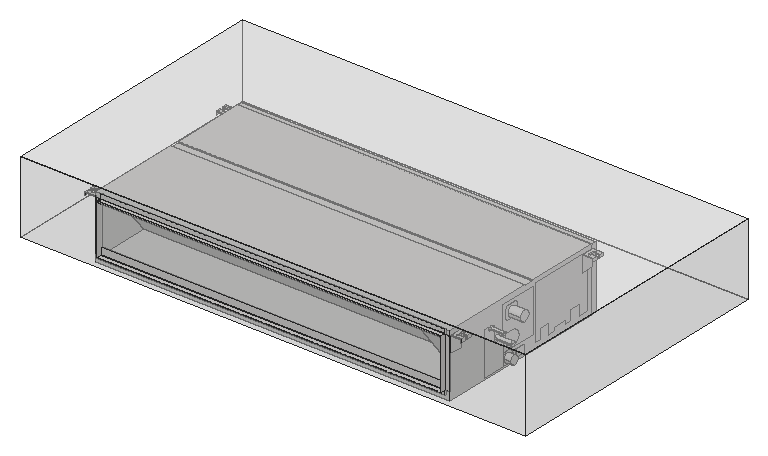
Revit family "outputfile", category 機械設備, Revit 2024
Family settings
  丸型コネクタ寸法 = 半径を使用
  パーツ タイプ = 標準
  OmniClass 番号 = 23.75.10.24.21.27.27
  OmniClass タイトル = Split System Air Conditioning Units
  作業面ベース = いいえ
  常に垂直 = はい
  ロード時にボイドで切り取り = いいえ
  注釈の向きを維持 = いいえ
  共有 = いいえ
  部屋計算ポイント = はい
Parameters (values of type "FDMFC125AV1M")
  Description = ""
  書き出し IFC クラス(タイプ) = "IfcUnitaryEquipmentType"
  定義済み IFC タイプ(タイプ) = "AIRCONDITIONINGUNIT"
  Cost = 0
  Type Comments = ""
  Keynote = ""
  Type Image = (empty or 0)
  Assembly Code = ""
  switch_frequency = yes
  connector_voltage = Voltage_50Hz  # 230 V
  connector_powerinput = [Power Input (Cooling)]  # 0.000 kW
  connector_phase = Phase_50Hz  # 1
  URL = ""
  Supply Air Direction [instance] = yes
  製造元 = "Daikin"
  モデル = "FDMFC125AV1M"
  w_pipe = 33 mm
  r_Liquid Pipe Size = Liquid Pipe Size / 2  # 4.75 mm
  r_Gas Pipe Size = Gas Pipe Size / 2  # 7.95 mm
  r_Drain Pipe Size = Drain Pipe Size / 2  # 16.0 mm
  lw_powersupply = Width / 2  # 700 mm
  lw_ductflange2 = 1362 mm
  lw_Width = 1362 mm
  lh_suctionflange [instance] = 100 mm
  ld_suctionflange [instance] = 190 mm
  ld_powersupply = 263 mm
  angle_vertical_RA [instance] = 90.00°
  angle horizontal_RA [instance] = 180.00°
  Voltage_comment_50Hz = "220 - 240"
  Voltage_50Hz = 230 V
  Sound Power Level_H speed (dB) = 0
  RA_length = 190 mm  # constant formula
  Phase_50Hz = 1
  Minimum External Static Pressure = 27.00 Pa
  Minimum Circuit Amps_50Hz = 0.0 A
  Maximum Fuse Amps_50Hz = 0.0 A
  Maximum External Static Pressure = 80.00 Pa
  Material_Casing = DAIKIN_GalvanizedSteel_Casing_indoorunit
  lw_liquidpipe = 757.9 mm
  lw_gaspipe = 767.5 mm
  lw_mountinghole_pitch = 1446 mm
  lw_mountinghole = 20 mm
  lw_drainpipe = 726 mm
  lh_powersupply = 43.2 mm
  lh_liquidpipe = 175 mm
  lh_gaspipe = 128 mm
  lh_mountinghole = Height + [h***] - 15 mm  # 235 mm
  lh_drainpipe = 29 mm
  lh_antena = (Height - lh_mountinghole) + 1 mm  # 16 mm
  ld_liquidpipe = 153 mm
  ld_gaspipe = 123 mm
  ld_mountinghole_pitch = 651 mm
  ld_drainpipe = 64 mm
  ld_controlbox = 626 mm
  h*** = 0 mm  # constant formula
  d_dischargeflange = 20 mm  # constant formula
  Width = 1400 mm
  Version = "ver.1.0"
  Unit Type = "Duct (M.S.P)"
  Unit Mass Weight = 40.00 kg
  Unit Designation [instance] = ""
  Uniclass2015Version = "Products v1.30"
  Uniclass2015Title = "Split coil room air conditioning units"
  Uniclass2015Code = "Pr_70_65_03_86"
  Total Cooling Capacity [instance] = 0.000 kW
  Sound Pressure Level_M speed (dBA) = 39
  Sound Pressure Level_L speed (dBA) = 36
  Sound Pressure Level_H speed (dBA) = 42
  Series = "SkyAir_Fan Coil Unit"
  Sensible Cooling Capacity [instance] = 0.000 kW
  SA Duct Size Width = 1362 mm
  SA Duct Size Height = 200 mm
  Refrigerant Type = "R32"
  RA Duct Size Width = 1362 mm
  RA Duct Size Height = 214 mm
  Power Input (Cooling) = 0.000 kW
  Option Accessory 3 [instance] = ""
  Option Accessory 2 [instance] = ""
  Option Accessory 1 [instance] = ""
  Nominal Cooling Capacity = 12.310 kW
  Minimum Airflow = 1560.00 m³/h
  Median Airflow = 1860.00 m³/h
  Maximum Airflow = 2140.00 m³/h
  Load Classification = HVAC
  Liquid Pipe Size = 9.5 mm
  Link_Nested Family [instance] = ""
  IfcVersion = ""
  IfcExportType = "AIRCONDITIONINGUNIT"
  IfcExportAs = "IfcUnitaryEquipmentType"
  Height = 250 mm
  Heat Exchanger Type = "Cross Fin Coil"
  Gas Pipe Size = 15.9 mm
  Frequency_50Hz = 50 Hz
  Fan Type = "Sirocco Fan"
  Fan Drive = "Direct Drive"
  FCU Tag No. [instance] = ""
  Drain Pipe Size = 32.0 mm
  Design Supply Airflow [instance] = 0.00 m³/h
  Design Return Airflow [instance] = 0.00 m³/h
  Design External Static Pressure [instance] = 0.00 Pa
  Depth = 700 mm
  既定の高さ = 0 mm
  Cooling Entering Wet Bulb Temperature [instance] = 0.00 °C
  Cooling Entering Dry Bulb Temperature [instance] = 0.00 °C
  Cooling Ambient Wet Bulb Temperature [instance] = 0.00 °C
  Cooling Ambient Dry Bulb Temperature [instance] = 0.00 °C
  Clearance visibility [instance] = yes
  Clearance Top = 20 mm
  Clearance Right = 300 mm
  Clearance Rear = 400 mm
  Clearance Left = 300 mm
  Clearance Front = 0 mm
  Clearance Bottom = 20 mm
Reference planes
  plane 1 "Center (Front/Back)": y = 0
  plane 2: z = 0
  plane 3 "Center (Left/Right)": x = 0
  plane 4 "Back": y = 350
  plane 5 "Front": y = -350
  plane 6 "Left": x = -700
  plane 7 "Right": x = 700
  plane 8 "Top": z = 0
  plane 9 "Bottom": z = -250
  plane 10: x = 681
  plane 11: x = -680.2
  plane 12: z = -72
  plane 13: z = -75
  plane 14: z = -122
  plane 15: x = -304
  plane 16: x = 304
  plane 17: x = -723
  plane 18: x = 723
  plane 19: x = 757.9
  plane 20: x = 767.5
  plane 21: z = -15
  plane 22 "Clearance Left": x = -1000
  plane 23 "Clearance Right": x = 1000
  plane 24 "Clearance Rear": y = 750
  plane 25 "Clearance Front": y = -350
  plane 26 "Clearance Bottom": z = -270
  plane 27: z = -21
  plane 28: z = -221
  plane 29: y = -123
  plane 30: y = -153
  plane 31: y = -30
  plane 32: y = -64
  plane 33: z = -118
  plane 34: y = -349.2
  plane 35: z = -150
  plane 36: y = 160
  plane 37: z = -151
  plane 38: x = 726
  plane 39: x = 695
  plane 40: x = 565.5
  plane 41: z = 102.5
  plane 42: y = 325.5
  plane 43: y = -325.5
  plane 44: y = 17.5
  plane 45: y = 57
  plane 46: x = 703.2
  plane 47: x = 705.2
  plane 48: y = -370
  plane 49: y = 390
  plane 50: z = -125
  plane 51: z = -70.5
  plane 52: z = -75.133
  plane 53: z = -75.5
  plane 54: z = -126.5
  plane 55: z = -239.8
  plane 56: z = -22.5
  plane 57: z = -192.5
  plane 58: z = -16
  plane 59 "Clearance Top": z = 20
  plane 60: z = -206.8
  plane 61: y = 263
  plane 62: y = -200
  plane 63: y = -300
  plane 64: y = -140
Forms (mm)
  Extrusion 1, solid, material "DAIKIN_GalvanizedSteel_Casing_indoorunit" <- "Material_Casing"
    sketch origin (0, 0, 0) x (1, 0, 0) y (0, 1, 0)
      loop
        line (-700, -349.2) -> (700, -349.2) -> (700, 350) -> (-700, 350) -> (-700, -349.2)
    from -250 to 0
  Extrusion 2, void
    sketch origin (0, 0, 1) x (1, 0, 0) y (0, 1, 0)
      loop
        line (-700, 57) -> (-700, 17.5) -> (700, 17.5) -> (700, 57) -> (-700, 57)
    from -1 to -5
  Extrusion 3, void
    sketch origin (0, 0, 0) x (0, 1, 0) y (0, 0, 1)
      loop
        line (-91.914, -222) -> (-91.914, -246.5) -> (-36.314, -246.5) -> (-36.314, -219.481)
        arc (-36.314, -219.481) -> (-65.261, -194.229) -> (-91.8, -222) r 27.8
    from 700 to 695
  Revolve 4, solid, material "DAIKIN_GalvanizedSteel_Casing_indoorunit" <- "Material_Casing"
    sketch origin (0, 0, -122) x (0, -1, 0) y (1, 0, 0)
      loop
        line (115.05, 700) -> (123, 700) -> (123, 767.5) -> (115.05, 767.5) -> (115.05, 700)
      axis (123, 700) -> (123, 767.5)
    angle from 0 to 360
  Revolve 5, solid, material "DAIKIN_GalvanizedSteel_Casing_indoorunit" <- "Material_Casing"
    sketch origin (0, 0, -75) x (0, -1, 0) y (1, 0, 0)
      loop
        line (153, 700) -> (153, 757.9) -> (148.25, 757.9) -> (148.25, 700) -> (153, 700)
      axis (153, 757.9) -> (153, 700)
    angle from 0 to 360
  Extrusion 6, solid, material "DAIKIN_GalvanizedSteel_Casing_indoorunit" <- "Material_Casing"
    sketch origin (0, 0, 0) x (0, 1, 0) y (0, 0, 1)
      loop
        circle (-64, -221) r 16
    from 726 to 700
  Extrusion 7, solid, material "DAIKIN_GalvanizedSteel_Casing_indoorunit" <- "Material_Casing"
    sketch origin (0, 0, 0) x (0, 1, 0) y (0, 0, 1)
      loop
        line (-180, -70.5) -> (-180, -239.8) -> (-95, -239.8) -> (-95, -126.5) -> (-107, -126.5)
        arc (-107, -126.5) -> (-121.5, -141) -> (-136, -126.5) r 14.5
        line (-136, -126.5) -> (-136, -75.5) -> (-141.006, -75.5)
        arc (-141.006, -75.5) -> (-153.184, -87.131) -> (-165, -75.133) r 12
        line (-165, -75.133) -> (-165, -70.5) -> (-180, -70.5)
      loop
        line (-92, -22.5) -> (-92, -192.5) -> (54, -192.5) -> (54, -22.5) -> (-92, -22.5)
      loop
        line (71, -16) -> (71, -224.802) -> (87.805, -224.802) -> (87.805, -184.607) -> (134.195, -184.606) -> (134.195, -224.802) -> (161, -224.802) -> (161, -212.302) -> (221, -212.303) -> (221, -224.802) -> (239.805, -224.802) -> (239.805, -184.606) -> (286.195, -184.606) -> (286.195, -224.802) -> (321.994, -224.802) -> (321.994, -82) -> (298.5, -82) -> (298.5, -16) -> (71, -16)
    from 700 to 703.2
  Extrusion 8, solid, material "DAIKIN_GalvanizedSteel_Casing_indoorunit" <- "Material_Casing"
    sketch origin (0, 0, 0) x (0, 1, 0) y (0, 0, 1)
      loop
        line (-27.5, -74.5) -> (-27.5, -41.5)
        arc (-27.5, -41.5) -> (-30.136, -35.136) -> (-36.5, -32.5) r 9
        line (-36.5, -32.5) -> (-69.5, -32.5)
        arc (-69.5, -32.5) -> (-75.864, -35.136) -> (-78.5, -41.5) r 9
        line (-78.5, -41.5) -> (-78.5, -74.5)
        arc (-78.5, -74.5) -> (-75.864, -80.864) -> (-69.5, -83.5) r 9
        line (-69.5, -83.5) -> (-36.5, -83.5)
        arc (-36.5, -83.5) -> (-30.136, -80.864) -> (-27.5, -74.5) r 9
      loop
        arc (8, -234.5) -> (9.415, -233.914) -> (10.001, -232.499) r 2.001
        line (10.001, -232.499) -> (9.997, -206.503)
        arc (9.997, -206.503) -> (9.412, -205.091) -> (8, -204.506) r 1.997
        line (8, -204.506) -> (-25.997, -204.506)
        arc (-25.997, -204.506) -> (-27.415, -205.094) -> (-28.002, -206.511) r 2.005
        line (-28.002, -206.511) -> (-28.002, -232.499)
        arc (-28.002, -232.499) -> (-27.416, -233.914) -> (-26.001, -234.5) r 2.001
        line (-26.001, -234.5) -> (8, -234.5)
      loop
        arc (-77.358, -152.358) -> (-25.548, -177.591) -> (-59.394, -130.95) r 29.7
        arc (-59.394, -130.95) -> (-62.843, -131.688) -> (-66.339, -131.219) r 10.3
        line (-66.339, -131.219) -> (-72.946, -129.136)
        arc (-72.946, -129.136) -> (-80.627, -131.374) -> (-81.498, -139.327) r 7.2
        line (-81.498, -139.327) -> (-78.299, -145.472)
        arc (-78.299, -145.472) -> (-77.23, -148.833) -> (-77.358, -152.358) r 10.3
    from 700 to 705.2
  Extrusion 9, solid, material "DAIKIN_GalvanizedSteel_Casing_indoorunit" <- "Material_Casing"
    sketch origin (0, 0, 0) x (0, 1, 0) y (0, 0, 1)
      loop
        circle (-53, -58) r 18.9
    from 700 to 757.9
  Extrusion 10, void
    sketch origin (0, 0, 0) x (0, 1, 0) y (0, 0, 1)
      loop
        line (-350, -18.8) -> (-350, -217.2) -> (-200, -217.2) -> (-349.2, -18.8) -> (-350, -18.8)
    from -680.2 to 681
  Extrusion 11, void
    sketch origin (0, 0, 0) x (0, 1, 0) y (0, 0, 1)
      loop
        line (-350, -18.8) -> (-350, -217.2) -> (-140, -217.2) -> (-300, -18.8) -> (-350, -18.8)
    from -680.2 to 565.5
Cuts and joins
  Extrusion 2, Extrusion 3, Extrusion 10, Extrusion 11 cuts Extrusion 1
  joined: Extrusion 7, Extrusion 8, Extrusion 9
Dimensions and locks
  "Height": plane 8 "Top" to plane 9 "Bottom"
  equal spacing: plane 15, plane 3 "Center (Left/Right)", plane 16, locked at 304 each
  locked: plane 15 to plane 16 at 608
  equal spacing: plane 17, plane 3 "Center (Left/Right)", plane 18
  "lw_mountinghole_pitch": plane 17 to plane 18
  locked: plane 12 to plane 9 "Bottom" at 178
  "lh_liquidpipe": plane 13 to plane 9 "Bottom"
  "lh_gaspipe": plane 14 to plane 9 "Bottom"
  "lh_mountinghole": plane 21 to plane 9 "Bottom"
  equal spacing: plane 6 "Left", plane 3 "Center (Left/Right)", plane 7 "Right"
  "Width": plane 6 "Left" to plane 7 "Right"
  "Clearance Right": plane 7 "Right" to plane 23 "Clearance Right"
  "Clearance Left": plane 22 "Clearance Left" to plane 6 "Left"
  "Clearance Rear": plane 24 "Clearance Rear" to plane 4 "Back"
  "Clearance Front": plane 5 "Front" to plane 25 "Clearance Front"
  locked: plane 8 "Top" to plane 27 at 21
  "Depth": plane 4 "Back" to plane 5 "Front"
  equal spacing: plane 4 "Back", plane 1 "Center (Front/Back)", plane 5 "Front"
  "ld_suctionflange": plane 4 "Back" to plane 36
  locked: plane 37 to plane 9 "Bottom" at 99
  plane 7 "Right" to plane 40 = 134.5 mm
  "r_Gas Pipe Size": nested 6 to Revolve 4 sketch curve
  "r_Liquid Pipe Size": nested 5 to Revolve 5 sketch curve
  equal spacing: plane 42, plane 1 "Center (Front/Back)", plane 43
  "ld_mountinghole_pitch": plane 42 to plane 43
  locked: plane 33 to plane 9 "Bottom" at 132
  "lw_liquidpipe": plane 3 "Center (Left/Right)" to plane 19
  "lw_gaspipe": plane 3 "Center (Left/Right)" to plane 20
  "lw_drainpipe": plane 3 "Center (Left/Right)" to plane 38
  "ld_drainpipe": plane 32 to plane 1 "Center (Front/Back)"
  "ld_gaspipe": plane 29 to plane 1 "Center (Front/Back)"
  "ld_liquidpipe": plane 30 to plane 1 "Center (Front/Back)"
  "lh_drainpipe": plane 28 to plane 9 "Bottom"
  locked: plane 7 "Right" to plane 46 at 3.2
  locked: plane 46 to plane 47 at 2
  equal spacing: plane 8 "Top", plane 50, plane 9 "Bottom"
  plane 51 to plane 52 to plane 53 to plane 54 to plane 55 = 4.633 mm locked, 0.367 mm locked, 51 mm locked, 113.3 mm locked
  plane 8 "Top" to plane 56 to plane 57 = 22.5 mm locked, 170 mm locked
  locked: plane 8 "Top" to plane 58 at 16
  locked: plane 40 to plane 10 at 115.5
  locked: plane 17 to plane 11 at 42.8
  locked: plane 39 to plane 7 "Right" at 5
  "Clearance Top": plane 59 "Clearance Top" to plane 8 "Top"
  "Clearance Bottom": plane 9 "Bottom" to plane 26 "Clearance Bottom"
  "lh_powersupply": plane 60 to plane 9 "Bottom"
  "ld_powersupply": plane 61 to plane 1 "Center (Front/Back)"
  locked: plane 34 to plane 5 "Front" at 0.8
  locked: plane 5 "Front" to plane 48 at 20
  locked: plane 5 "Front" to plane 62 at 150
  plane 5 "Front" to plane 63 to plane 64 = 50 mm locked, 160 mm locked
  "r_Drain Pipe Size": radius of Extrusion 6 sketch curve
  aligned and locked: level to plane 2
  aligned and locked: Extrusion 1 to plane 9 "Bottom"
  aligned and locked: plane 8 "Top" to Extrusion 1
  aligned and locked: Revolve 4 sketch curve to Revolve 4 sketch curve
  aligned and locked: plane 19 to nested 5
  aligned and locked: nested 5 to plane 13
  aligned and locked: plane 18 to nested 2
  aligned and locked: plane 17 to nested 3
  aligned and locked: plane 17 to nested 4
  aligned and locked: nested 6 to plane 14
  aligned and locked: plane 29 to nested 6
  aligned and locked: plane 30 to nested 5
  aligned and locked: Extrusion 6 sketch curve to plane 32
  aligned and locked: plane 8 "Top" to Extrusion 2
  aligned and locked: plane 24 "Clearance Rear" to nested 11
  aligned and locked: plane 23 "Clearance Right" to nested 11
  aligned and locked: plane 22 "Clearance Left" to nested 11
  aligned and locked: nested 11 to plane 25 "Clearance Front"
  aligned and locked: plane 7 "Right" to cut or joined group of Extrusion 1, Extrusion 2, Extrusion 3, Extrusion 10, Extrusion 11  (x3)
  aligned and locked: cut or joined group of Extrusion 1, Extrusion 2, Extrusion 3, Extrusion 10, Extrusion 11 to plane 39
  aligned and locked: plane 38 to Extrusion 6
  aligned and locked: plane 20 to nested 6
  aligned and locked: plane 3 "Center (Left/Right)" to nested 12
  aligned and locked: plane 18 to nested 1
  aligned and locked: plane 32 to nested 7
  aligned and locked: nested 7 to plane 28
  aligned and locked: plane 38 to nested 7
  aligned and locked: nested 9 to plane 1 "Center (Front/Back)"
  aligned and locked: plane 3 "Center (Left/Right)" to nested 9
  aligned and locked: plane 33 to nested 8
  aligned and locked: level to plane 8 "Top"
  aligned and locked: plane 42 to nested 1
  aligned and locked: plane 43 to nested 2
  aligned and locked: nested 4 to plane 42
  aligned and locked: nested 3 to plane 43
  aligned and locked: nested 12 to plane 21
  aligned and locked: cut or joined group of Extrusion 1, Extrusion 2, Extrusion 3, Extrusion 10, Extrusion 11 to plane 34
  aligned and locked: nested 13 to plane 33
  aligned and locked: Extrusion 2 sketch curve to plane 6 "Left"
  aligned and locked: plane 7 "Right" to Extrusion 2 sketch curve
  aligned and locked: plane 44 to Extrusion 2 sketch curve
  aligned and locked: plane 45 to Extrusion 2 sketch curve
  aligned and locked: plane 3 "Center (Left/Right)" to nested 10
  aligned and locked: nested 10 to plane 4 "Back"
  aligned and locked: plane 46 to Extrusion 7
  aligned and locked: Extrusion 7 to plane 7 "Right"
  aligned and locked: Extrusion 8 to plane 7 "Right"
  aligned and locked: plane 47 to Extrusion 8
  aligned and locked: plane 19 to Extrusion 9
  aligned and locked: Extrusion 9 to plane 7 "Right"
  aligned and locked: nested 8 to plane 48
  aligned and locked: plane 49 to nested 14
  aligned and locked: nested 14 to plane 3 "Center (Left/Right)"
  aligned and locked: nested 14 to plane 50
  aligned and locked: plane 54 to Extrusion 7 sketch curve  (x2)
  aligned and locked: plane 52 to Extrusion 7 sketch curve
  aligned and locked: plane 56 to Extrusion 7 sketch curve
  aligned and locked: plane 57 to Extrusion 7 sketch curve
  aligned and locked: plane 58 to Extrusion 7 sketch curve
  aligned and locked: plane 3 "Center (Left/Right)" to nested 13
  aligned and locked: plane 59 "Clearance Top" to nested 11
  aligned and locked: nested 11 to plane 26 "Clearance Bottom"
  aligned and locked: plane 7 "Right" to nested 15
  aligned and locked: nested 15 to plane 60
  aligned and locked: plane 34 to nested 13
  aligned and locked: plane 5 "Front" to Extrusion 10 sketch curve
  aligned and locked: cut or joined group of Extrusion 1, Extrusion 2, Extrusion 3, Extrusion 10, Extrusion 11 to plane 11  (x2)
  aligned and locked: plane 10 to cut or joined group of Extrusion 1, Extrusion 2, Extrusion 3, Extrusion 10, Extrusion 11
  aligned and locked: Extrusion 11 sketch curve to plane 5 "Front"
  aligned and locked: plane 63 to Extrusion 11 sketch curve
  aligned and locked: plane 64 to Extrusion 11 sketch curve
  aligned and locked: cut or joined group of Extrusion 1, Extrusion 2, Extrusion 3, Extrusion 10, Extrusion 11 to plane 40
  aligned and locked: Extrusion 6 to plane 7 "Right"
  aligned and locked: Revolve 4 to plane 7 "Right"
  aligned and locked: Revolve 5 to plane 7 "Right"
Automatic sketch dimensions
  Extrusion 1 sketch curve to plane 4 "Back" = 0 mm
  Extrusion 1 sketch curve to plane 6 "Left" = 0 mm
  Extrusion 1 sketch curve to plane 7 "Right" = 0 mm
  plane 34 to Extrusion 1 sketch curve = 0 mm
  Extrusion 6 sketch curve to plane 28 = 0 mm
  Revolve 4 sketch curve to plane 20 = 0 mm
  Revolve 4 sketch curve to plane 29 = 0 mm
  Revolve 4 sketch curve to Revolve 4 sketch curve = 2.003 mm
  plane 20 to Revolve 4 sketch curve = 1.003 mm
  Revolve 5 sketch curve to plane 30 = 0 mm  (x2)
  Revolve 5 sketch curve to plane 19 = 0 mm  (x2)
  Revolve 5 sketch curve to plane 7 "Right" = 0 mm
  Revolve 5 sketch curve to Revolve 5 sketch curve = 1 mm
  Revolve 4 sketch curve to plane 7 "Right" = 0 mm
  plane 9 "Bottom" to Extrusion 3 sketch curve = 3.5 mm
  Extrusion 3 sketch curve to plane 31 = 6.314 mm
  Extrusion 3 sketch curve to plane 28 = 1 mm  (x2)
  plane 32 to Extrusion 3 sketch curve = 0 mm
  Extrusion 3 sketch curve to Extrusion 3 sketch curve = 0.114 mm
  Extrusion 8 sketch curve to plane 32 = 14.5 mm
  plane 13 to Extrusion 8 sketch curve = 0.5 mm  (x2)
  Extrusion 8 sketch curve to plane 32 = 5.5 mm  (x2)
  Extrusion 8 sketch curve to plane 31 = 6.5 mm  (x2)
  Extrusion 8 sketch curve to plane 27 = 20.5 mm
  plane 31 to Extrusion 8 sketch curve = 1.998 mm
  Extrusion 8 sketch curve to Extrusion 8 sketch curve = 2.001 mm  (x2)
  Extrusion 8 sketch curve to Extrusion 8 sketch curve = 2.005 mm
  Extrusion 8 sketch curve to plane 1 "Center (Front/Back)" = 8 mm  (x2)
  plane 28 to Extrusion 8 sketch curve = 16.494 mm
  Extrusion 8 sketch curve to Extrusion 8 sketch curve = 1.994 mm
  Extrusion 8 sketch curve to Extrusion 8 sketch curve = 1.997 mm
  Extrusion 8 sketch curve to plane 32 = 17.498 mm
  Extrusion 8 sketch curve to plane 35 = 0.228 mm
  Extrusion 8 sketch curve to Extrusion 8 sketch curve = 5.937 mm
  plane 35 to Extrusion 8 sketch curve = 4.528 mm
  Extrusion 8 sketch curve to Extrusion 8 sketch curve = 3.199 mm
  Extrusion 8 sketch curve to Extrusion 8 sketch curve = 6.386 mm
  Extrusion 8 sketch curve to plane 14 = 7.136 mm
  Extrusion 8 sketch curve to Extrusion 8 sketch curve = 2.165 mm
  Extrusion 8 sketch curve to plane 32 = 2.339 mm
  plane 32 to Extrusion 8 sketch curve = 0.758 mm
  Extrusion 8 sketch curve to plane 37 = 7.5 mm
  plane 32 to Extrusion 8 sketch curve = 15.7 mm
  Extrusion 8 sketch curve to Extrusion 8 sketch curve = 6.145 mm
  Extrusion 8 sketch curve to Extrusion 8 sketch curve = 2.083 mm
  plane 14 to Extrusion 8 sketch curve = 0.604 mm
  Extrusion 8 sketch curve to Extrusion 8 sketch curve = 0 mm
  plane 32 to Extrusion 9 sketch curve = 11 mm
  plane 12 to Extrusion 9 sketch curve = 14 mm
  Extrusion 7 sketch curve to plane 30 = 0 mm
  Extrusion 7 sketch curve to plane 30 = 27 mm
  Extrusion 7 sketch curve to plane 13 = 0.5 mm
  Extrusion 7 sketch curve to Extrusion 7 sketch curve = 5.006 mm
  plane 12 to Extrusion 7 sketch curve = 1.5 mm
  Extrusion 7 sketch curve to Extrusion 7 sketch curve = 12 mm
  Extrusion 7 sketch curve to plane 30 = 12 mm
  plane 29 to Extrusion 7 sketch curve = 1.5 mm
  Extrusion 7 sketch curve to plane 32 = 28 mm
  Extrusion 7 sketch curve to Extrusion 7 sketch curve = 17 mm
  Extrusion 7 sketch curve to plane 28 = 3.802 mm  (x8)
  Extrusion 7 sketch curve to plane 42 = 27 mm
  Extrusion 7 sketch curve to plane 42 = 3.506 mm  (x2)
  Extrusion 7 sketch curve to plane 53 = 6.5 mm
  plane 57 to Extrusion 7 sketch curve = 7.893 mm
  Extrusion 7 sketch curve to Extrusion 7 sketch curve = 0 mm  (x2)
  plane 57 to Extrusion 7 sketch curve = 7.894 mm  (x2)
  plane 36 to Extrusion 7 sketch curve = 1 mm  (x2)
  plane 28 to Extrusion 7 sketch curve = 8.697 mm
  Extrusion 3 sketch curve to Extrusion 3 sketch curve = 27.914 mm
  Extrusion 7 sketch curve to plane 55 = 0 mm
  Extrusion 8 sketch curve to plane 28 = 11.499 mm
  Extrusion 7 sketch curve to Extrusion 7 sketch curve = 60 mm
  Extrusion 10 sketch curve to plane 34 = 0 mm
  plane 28 to Extrusion 10 sketch curve = 3.8 mm
  plane 27 to Extrusion 10 sketch curve = 2.2 mm
  Extrusion 10 sketch curve to plane 30 = 47 mm
  plane 28 to Extrusion 11 sketch curve = 3.8 mm
  plane 27 to Extrusion 11 sketch curve = 2.2 mm
  radius of Extrusion 9 sketch curve = 18.9 mm
Nested families
  nested 1: "daikin_mountinghole" at (723, 325.5, -250), l_antenna <- "lh_antena", Link_Nested Family <- "Link_Nested Family", h_mountinghole <- "lh_mountinghole", type "daikin_mountinghole"
    with show yes, l_antenna 16 mm, h_mountinghole 235 mm, Link_Nested Family ""
  nested 2: "daikin_mountinghole" at (723, -325.5, -250), Link_Nested Family <- "Link_Nested Family", l_antenna <- "lh_antena", h_mountinghole <- "lh_mountinghole", type "daikin_mountinghole"
    with show yes, l_antenna 16 mm, h_mountinghole 235 mm, Link_Nested Family ""
  nested 3: "daikin_mountinghole" at (-723, -325.5, -250), l_antenna <- "lh_antena", Link_Nested Family <- "Link_Nested Family", h_mountinghole <- "lh_mountinghole", type "daikin_mountinghole"
    with show yes, l_antenna 16 mm, h_mountinghole 235 mm, Link_Nested Family ""
  nested 4: "daikin_mountinghole" at (-723, 325.5, -250), l_antenna <- "lh_antena", Link_Nested Family <- "Link_Nested Family", h_mountinghole <- "lh_mountinghole", type "daikin_mountinghole"
    with show yes, l_antenna 16 mm, h_mountinghole 235 mm, Link_Nested Family ""
  nested 5: "daikin_connector_rotate2" at (0, -153, -75) x (0, 1, 0) z (0, 0, 1), length <- "lw_liquidpipe", built-in parameter 1001364 <- "lh_liquidpipe", radius <- "r_Liquid Pipe Size", type "daikin_connector_rotate2"
    with radius 4.75 mm, length 757.9 mm, angle_vertical 90.00°
  nested 6: "daikin_connector_rotate2" at (0, -123, -122) x (0, 1, 0) z (0, 0, 1), length <- "lw_gaspipe", built-in parameter 1001364 <- "lh_gaspipe", radius <- "r_Gas Pipe Size", type "daikin_connector_rotate2"
    with radius 7.95 mm, length 767.5 mm, angle_vertical 90.00°
  nested 7: "daikin_connector_rotate2" at (0, -64, -221) x (0, 1, 0) z (0, 0, 1), built-in parameter 1001364 <- "lh_drainpipe", length <- "lw_drainpipe", radius <- "r_Drain Pipe Size", type "daikin_connector_rotate2"
    with radius 16 mm, length 726 mm, angle_vertical 90.00°
  nested 8: "daikin_connector_rotate2" at (0, -350, -118), length <- "d_dischargeflange", type "daikin_connector_rotate2"
    with radius 10 mm, length 20 mm, angle_vertical 90.00°
  nested 9: "daikin_△_symbolicline" at (-75, -129.904, 250) x (-0.5, 0.866, 0) z (0, 0, 1), built-in parameter 1001364 <- "Height", visible <- "Supply Air Direction", type "daikin_△_symbolicline"
    with length 300 mm
  nested 10: "daikin_ductflange_FDMFC-AV1M_1" at (0, 350, -125), material <- "Material_Casing", width <- "lw_ductflange2", type "daikin_ductflange_FDMFC-AV1M_1"
    with width 1362 mm, material DAIKIN_GalvanizedSteel_Casing_indoorunit, height 214 mm, depth 40 mm
  nested 11: "daikin_clearancespace" at (0, 200, -124.881), visible <- "Clearance visibility", show <- "Clearance visibility", Link_Nested Family <- "Link_Nested Family", type "daikin_clearancespace"
    with width 2000 mm, show yes, height 290 mm, depth 1100 mm, Link_Nested Family ""
  nested 12: "daikin_hangerfixture_FDMFC-AV1M" at (0, 0, -15), type "daikin_hangerfixture_FDMFC-AV1M"
    with width 1400 mm
  nested 13: "daikin_ductflange_FDMFC-AV1M" at (0, -35.7, -407.401), width <- "lw_Width", material <- "Material_Casing", type "daikin_ductflange_FDMFC-AV1M"
    with width 1362 mm, material DAIKIN_GalvanizedSteel_Casing_indoorunit, height 200 mm, depth 20.8 mm
  nested 14: "daikin_connector_rotate2" at (0, 350, -125) x (-1, 0, 0) z (0, 0, 1), type "daikin_connector_rotate2"
    with radius 10 mm, length 40 mm, angle_vertical 90.00°
  nested 15: "daikin_connector_rotate2" at (0, 263, -206.8) x (0, 1, 0) z (0, 0, 1), length <- "lw_powersupply", built-in parameter 1001364 <- "lh_powersupply", type "daikin_connector_rotate2"
    with radius 10 mm, length 700 mm, angle_vertical 90.00°
Connectors
  piping at (767.5, -123, -122), diameter 15.9, driven by "r_Gas Pipe Size"
    settings: on nested 6, index 1, connector inside diameter 609.6 mm, connector length 0 mm, flow factor 0, pipe flow 0.00 m³/h, pressure drop 0.0 Pa, fitting loss kfactor 0, connector angle 0.00°, fixture units 0, engagement length 0 mm, angle of deflection 0.00°, flow configuration 1, flow direction 2, fitting loss method 0, system type 29, joint type 0, gender type 0, connector reference index -1, connector utility 0, adjustable connector no, is connector primary yes, connector description "Refrigerant Gas Piping"
  piping at (757.9, -153, -75), diameter 9.5, driven by "r_Liquid Pipe Size"
    settings: on nested 5, index 2, connector inside diameter 609.6 mm, connector length 0 mm, flow factor 0, pipe flow 0.00 m³/h, pressure drop 0.0 Pa, fitting loss kfactor 0, connector angle 0.00°, fixture units 0, engagement length 0 mm, angle of deflection 0.00°, flow configuration 1, flow direction 1, fitting loss method 0, system type 29, joint type 0, gender type 0, connector reference index -1, connector utility 0, adjustable connector no, is connector primary no, connector description "Refrigerant Liquid Piping"
  piping at (726, -64, -221), diameter 32, driven by "r_Drain Pipe Size"
    settings: on nested 7, index 3, connector inside diameter 609.6 mm, connector length 0 mm, flow factor 0, pipe flow 0.00 m³/h, pressure drop 0.0 Pa, fitting loss kfactor 0, connector angle 0.00°, fixture units 0, engagement length 0 mm, angle of deflection 0.00°, flow configuration 1, flow direction 2, fitting loss method 4, system type 16, joint type 0, gender type 0, connector reference index -1, connector utility 0, adjustable connector no, is connector primary no, connector description "Condensate Drain Piping"
  hvac at (0, -370, -118), driven by "SA Duct Size Height", driven by "SA Duct Size Width"
    settings: on nested 8, index 7, duct flow 0.00 m³/h, flow factor 0, pres drop 0.00 Pa, loss coef 0, conn angle 0.00°, conn width 1362.0 mm, conn height 200.0 mm, conn diameter 609.6 mm, duct sys type 1, conn prof type 1, flow config 0, flow direction 2, loss method 4, conn ref index -1, conn util no, is conn primary yes, conn desc "SA Duct"
  hvac at (0, 390, -125), driven by "RA Duct Size Width", driven by "RA Duct Size Height"
    settings: on nested 14, index 8, duct flow 0.00 m³/h, flow factor 0, pres drop 0.00 Pa, loss coef 0, conn angle 0.00°, conn width 1362.0 mm, conn height 214.0 mm, conn diameter 609.6 mm, duct sys type 2, conn prof type 1, flow config 0, flow direction 1, loss method 4, conn ref index -1, conn util no, is conn primary no, conn desc "RA Duct"
  electrical at (700, 263, -206.8), driven by "Load Classification", driven by "connector_powerinput", driven by "connector_voltage", driven by "connector_phase"
    settings: on nested 15, index 9, voltage 230 V, apparent load 0 VA, apparent load phase1 0 VA, apparent load phase2 0 VA, apparent load phase3 0 VA, power factor 1, load classification "HVAC", number of poles 1, system type 30, power factor state 1, is connector primary yes, connector utility no, sub classification motor no, connector description "Power Supply"
Definition of nested family "daikin_ductflange_FDMFC-AV1M_1"
  Parameters (values of type "daikin_ductflange_FXDQ-NDVET2")
    width [instance] = 662 mm
    material [instance] = none
    height [instance] = 214 mm
    depth [instance] = 40 mm
    Default Elevation = 0 mm
  Reference planes
    plane 1 "Center (Front/Back)": y = 0
    plane 2: z = 0
    plane 3 "Center (Left/Right)": x = 0
    plane 4: x = -331
    plane 5: x = 331
    plane 6: z = 107
    plane 7: z = -107
    plane 8: x = -350
    plane 9: x = 350
    plane 10: z = 124
    plane 11: z = -124
    plane 12: y = 20
    plane 13: x = -330.2
    plane 14: x = 330.2
    plane 15: z = 106.2
    plane 16: z = -106.2
    plane 17: y = 40
    plane 18: x = -330.2
    plane 19: z = 106.2
    plane 20: z = -106.2
    plane 21: x = 330.2
  Forms (mm)
    Extrusion 1, solid, material <- "material"
      sketch origin (0, 0, 0) x (1, 0, 0) y (0, 0, 1)
        loop
          line (-330.2, 106.2) -> (-330.2, -106.2) -> (330.2, -106.2) -> (330.2, 106.2) -> (-330.2, 106.2)
        loop
          line (-350, 124) -> (-350, -124) -> (350, -124) -> (350, 124) -> (-350, 124)
      from 0 to -20
    Extrusion 2, solid, material <- "material"
      sketch origin (0, 0, 0) x (1, 0, 0) y (0, 0, 1)
        loop
          line (-331, 107) -> (-331, -107) -> (331, -107) -> (331, 107) -> (-331, 107)
        loop
          line (-330.2, 106.2) -> (-330.2, -106.2) -> (330.2, -106.2) -> (330.2, 106.2) -> (-330.2, 106.2)
      from -40 to -20
  Cuts and joins
    joined: Extrusion 1, Extrusion 2
  Dimensions and locks
    equal spacing: plane 5, plane 3 "Center (Left/Right)", plane 4
    "width": plane 5 to plane 4
    equal spacing: plane 6, level, plane 7
    "height": plane 6 to plane 7
    locked: plane 4 to plane 8 at 19
    locked: plane 9 to plane 5 at 19
    locked: plane 10 to plane 6 at 17
    locked: plane 7 to plane 11 at 17
    locked: plane 1 "Center (Front/Back)" to plane 12 at 20
    locked: plane 13 to plane 4 at 0.8
    locked: plane 5 to plane 14 at 0.8
    locked: plane 6 to plane 15 at 0.8
    locked: plane 16 to plane 7 at 0.8
    locked: plane 12 to plane 17 at 20
    locked: plane 18 to plane 4 at 0.8
    locked: plane 5 to plane 21 at 0.8
    locked: plane 6 to plane 19 at 0.8
    locked: plane 20 to plane 7 at 0.8
    locked: plane 1 "Center (Front/Back)" to plane 17 at 40
    aligned and locked: level to plane 2
    aligned and locked: Extrusion 1 sketch curve to plane 10
    aligned and locked: plane 8 to Extrusion 1 sketch curve
    aligned and locked: Extrusion 1 sketch curve to plane 9
    aligned and locked: Extrusion 1 to plane 12
    aligned and locked: plane 1 "Center (Front/Back)" to Extrusion 1
    aligned and locked: Extrusion 1 sketch curve to plane 15
    aligned and locked: plane 13 to Extrusion 1 sketch curve
    aligned and locked: plane 16 to Extrusion 1 sketch curve
    aligned and locked: plane 11 to Extrusion 1 sketch curve
    aligned and locked: Extrusion 1 sketch curve to plane 14
    aligned and locked: Extrusion 2 sketch curve to plane 6
    aligned and locked: plane 4 to Extrusion 2 sketch curve
    aligned and locked: plane 7 to Extrusion 2 sketch curve
    aligned and locked: Extrusion 2 sketch curve to plane 5
    aligned and locked: Extrusion 2 sketch curve to Extrusion 1  (x4)
    aligned and locked: Extrusion 2 to plane 17
    aligned and locked: Extrusion 2 to Extrusion 1
  Automatic sketch dimensions
    Extrusion 1 sketch curve to plane 10 = 0 mm
Definition of nested family "daikin_clearancespace"
  Parameters (values of type "daikin_clearancespace")
    Description = "daikin_clearancespace"
    width [instance] = 1823.963 mm
    show [instance] = yes
    material = none
    height [instance] = 1359.762 mm
    depth [instance] = 880 mm
    Default Elevation = 0 mm
    Link_Nested Family [instance] = ""
  Reference planes
    plane 1 "Center (Front/Back)": y = 0
    plane 2 "Center (Elevation)": z = -0.119
    plane 3 "Center (Left/Right)": x = 0
    plane 4: y = 440
    plane 5: y = -440
    plane 6 "Right": x = 911.982
    plane 7 "Left": x = -911.982
    plane 8 "Top": z = 679.762
    plane 9 "Bottom": z = -680
  Forms (mm)
    Extrusion 1, solid, material <- "material", visible <- "show"
      sketch origin (0, 0, 0) x (1, 0, 0) y (0, 1, 0)
        loop
          line (-911.982, 440) -> (-911.982, -440) -> (911.982, -440) -> (911.982, 440) -> (-911.982, 440)
      from -680 to 679.762
  Lines and regions (mm)
    symbolic lines, visible <- "show"
      curve 1: line (911.982, 440, 0) -> (-911.982, 440, 0)
      curve 2: line (-911.982, 440, 0) -> (-911.982, -440, 0)
      curve 3: line (-911.982, -440, 0) -> (911.982, -440, 0)
      curve 4: line (911.982, -440, 0) -> (911.982, 440, 0)
      curve 5: line (911.982, 0, 679.762) -> (-911.982, 0, 679.762)
      curve 6: line (911.982, 0, -680) -> (911.982, 0, 679.762)
      curve 7: line (-911.982, 0, -680) -> (911.982, 0, -680)
      curve 8: line (-911.982, 0, 679.762) -> (-911.982, 0, -680)
      curve 9: line (0, 440, 679.762) -> (0, -440, 679.762)
      curve 10: line (0, -440, 679.762) -> (0, -440, -680)
      curve 11: line (0, 440, -680) -> (0, 440, 679.762)
      curve 12: line (0, -440, -680) -> (0, 440, -680)
  Dimensions and locks
    "width": plane 7 "Left" to plane 6 "Right"
    "depth": plane 4 to plane 5
    "height": plane 8 "Top" to plane 9 "Bottom"
    equal spacing: plane 7 "Left", plane 3 "Center (Left/Right)", plane 6 "Right"
    equal spacing: plane 4, plane 1 "Center (Front/Back)", plane 5
    equal spacing: plane 8 "Top", plane 2 "Center (Elevation)", plane 9 "Bottom"
    aligned and locked: level to plane 2 "Center (Elevation)"
    aligned and locked: Extrusion 1 sketch curve to plane 4
    aligned and locked: plane 7 "Left" to Extrusion 1 sketch curve
    aligned and locked: Extrusion 1 sketch curve to plane 5
    aligned and locked: Extrusion 1 sketch curve to plane 6 "Right"
    aligned and locked: plane 8 "Top" to Extrusion 1
    aligned and locked: curve 1 to Extrusion 1
    aligned and locked: curve 2 to Extrusion 1
    aligned and locked: curve 3 to Extrusion 1
    aligned and locked: curve 4 to Extrusion 1
    aligned and locked: curve 5 to Extrusion 1
    aligned and locked: curve 6 to Extrusion 1
    aligned and locked: curve 7 to Extrusion 1
    aligned and locked: curve 8 to Extrusion 1
    aligned and locked: curve 9 to Extrusion 1
    aligned and locked: curve 10 to Extrusion 1
    aligned and locked: curve 11 to Extrusion 1
    aligned and locked: curve 12 to Extrusion 1
    aligned and locked: Extrusion 1 to plane 9 "Bottom"
Definition of nested family "daikin_hangerfixture_FDMFC-AV1M"
  Parameters (values of type "daikin_hangerfixture_FDMFC-AV1M")
    width = 700 mm
    material = none
    height = 65 mm
    depth = 700 mm
    Default Elevation = 0 mm
  Reference planes
    plane 1 "Center (Front/Back)": y = 0
    plane 2: z = 0
    plane 3 "Center (Left/Right)": x = 0
    plane 4: x = 350
    plane 5: y = 350
    plane 6: y = -350
    plane 7: x = -350
    plane 8: z = -65
    plane 9: y = 325.5
    plane 10: y = -325.5
    plane 11: y = 302
    plane 12: y = -302
    plane 13: x = 373
    plane 14: x = -373
  Forms (mm)
    Extrusion 1, void
      sketch origin (0, 0, 0) x (-1, 0, 0) y (0, -1, 0)
        loop
          arc (366.995, -334.5) -> (373, -340.5) -> (378.995, -334.489) r 6
          line (378.995, -334.489) -> (378.995, -333)
          arc (378.995, -333) -> (379.288, -332.293) -> (379.995, -332) r 1
          line (379.995, -332) -> (394.995, -332) -> (394.995, -319) -> (379.995, -319)
          arc (379.995, -319) -> (379.288, -318.707) -> (378.995, -318) r 1
          line (378.995, -318) -> (378.995, -316.464)
          arc (378.995, -316.464) -> (372.977, -310.5) -> (366.995, -316.5) r 6
          line (366.995, -316.5) -> (366.995, -334.5)
        loop
          line (367.28, 334.5) -> (367.28, 316.5)
          arc (367.28, 316.5) -> (373, 310.507) -> (379.254, 315.94) r 6
          line (379.254, 315.94) -> (379.254, 318)
          arc (379.254, 318) -> (379.547, 318.707) -> (380.254, 319) r 1
          line (380.254, 319) -> (395.254, 319) -> (395.254, 332) -> (380.254, 332)
          arc (380.254, 332) -> (379.547, 332.293) -> (379.254, 333) r 1
          line (379.254, 333) -> (379.254, 334.5)
          arc (379.254, 334.5) -> (373.267, 340.487) -> (367.28, 334.5) r 5.987
      from -254.96 to 618
    Extrusion 2, solid, material <- "material"
      sketch origin (0, 0, 0) x (-1, 0, 0) y (0, 0, 1)
        loop
          line (350, 0) -> (350, -65) -> (352.3, -65) -> (352.3, -2.3) -> (392.7, -2.3) -> (392.7, -12) -> (395, -12) -> (395, 0) -> (350, 0)
      from -349.5 to -301.5
    Extrusion 3, solid, material <- "material"
      sketch origin (0, 0, 0) x (1, 0, 0) y (0, 0, 1)
        loop
          line (350, 0) -> (350, -65) -> (352.3, -65) -> (352.3, -2.3) -> (392.7, -2.3) -> (392.7, -12) -> (395, -12) -> (395, 0) -> (350, 0)
      from -349.5 to -301.5
    Extrusion 4, void
      sketch origin (0, 0, 0) x (1, 0, 0) y (0, 1, 0)
        loop
          line (366.995, 334.5) -> (366.995, 316.5)
          arc (366.995, 316.5) -> (372.977, 310.5) -> (378.995, 316.464) r 6
          line (378.995, 316.464) -> (378.995, 318)
          arc (378.995, 318) -> (379.288, 318.707) -> (379.995, 319) r 1
          line (379.995, 319) -> (394.995, 319) -> (394.995, 332) -> (379.995, 332)
          arc (379.995, 332) -> (379.288, 332.293) -> (378.995, 333) r 1
          line (378.995, 333) -> (378.995, 334.489)
          arc (378.995, 334.489) -> (373, 340.5) -> (366.995, 334.5) r 6
        loop
          arc (367.026, -334.5) -> (373.026, -340.5) -> (379.026, -334.5) r 6
          line (379.026, -334.5) -> (379.026, -333)
          arc (379.026, -333) -> (379.319, -332.293) -> (380.026, -332) r 1
          line (380.026, -332) -> (395.026, -332) -> (395.026, -319) -> (380.026, -319)
          arc (380.026, -319) -> (379.319, -318.707) -> (379.026, -318) r 1
          line (379.026, -318) -> (379.026, -316.448)
          arc (379.026, -316.448) -> (373, -310.5) -> (367.026, -316.5) r 6
          line (367.026, -316.5) -> (367.026, -334.5)
      from -254.96 to 618
    Extrusion 5, solid, material <- "material"
      sketch origin (0, 0, 0) x (1, 0, 0) y (0, 0, -1)
        loop
          line (350, 0) -> (395, 0) -> (395, 12) -> (392.7, 12) -> (392.7, 2.3) -> (352.3, 2.3) -> (352.3, 65) -> (350, 65) -> (350, 0)
      from -349.5 to -301.5
    Extrusion 6, solid, material <- "material"
      sketch origin (0, 0, 0) x (-1, 0, 0) y (0, 0, -1)
        loop
          line (350, 0) -> (395, 0) -> (395, 12) -> (392.7, 12) -> (392.7, 2.3) -> (352.3, 2.3) -> (352.3, 65) -> (350, 65) -> (350, 0)
      from -349.5 to -301.5
  Cuts and joins
    Extrusion 1 cuts Extrusion 2
    Extrusion 4 cuts Extrusion 3
    Extrusion 4 cuts Extrusion 5
    Extrusion 1 cuts Extrusion 6
  Dimensions and locks
    equal spacing: plane 5, plane 1 "Center (Front/Back)", plane 6
    "depth": plane 5 to plane 6
    plane 6 to plane 1 "Center (Front/Back)" to plane 5 = 350 mm, 350 mm
    equal spacing: plane 4, plane 3 "Center (Left/Right)", plane 7
    "width": plane 4 to plane 7
    "height": level to plane 8
    equal spacing: plane 10, plane 1 "Center (Front/Back)", plane 9
    plane 10 to plane 9 = 651 mm
    plane 5 to plane 11 = 48 mm
    plane 12 to plane 6 = 48 mm
    locked: plane 7 to plane 14 at 23
    locked: plane 13 to plane 4 at 23
    plane 14 to plane 13 = 746 mm
    aligned and locked: level to plane 2
  Automatic sketch dimensions
    Extrusion 1 sketch curve to plane 7 = 17.28 mm
    Extrusion 1 sketch curve to plane 7 = 16.995 mm
    Extrusion 1 sketch curve to Extrusion 1 sketch curve = 5.987 mm  (x2)
    Extrusion 1 sketch curve to Extrusion 1 sketch curve = 6 mm  (x5)
    Extrusion 1 sketch curve to Extrusion 1 sketch curve = 5.974 mm
    Extrusion 1 sketch curve to Extrusion 1 sketch curve = 1 mm  (x5)
    plane 9 to Extrusion 1 sketch curve = 6.5 mm
    Extrusion 1 sketch curve to Extrusion 1 sketch curve = 15 mm  (x2)
    plane 10 to Extrusion 1 sketch curve = 6.5 mm
    Extrusion 1 sketch curve to plane 9 = 6.5 mm
    Extrusion 1 sketch curve to Extrusion 1 sketch curve = 1.49 mm
    plane 9 to Extrusion 1 sketch curve = 9 mm
    Extrusion 1 sketch curve to plane 10 = 9.56 mm
    Extrusion 1 sketch curve to Extrusion 1 sketch curve = 2.06 mm
    Extrusion 1 sketch curve to plane 10 = 6.5 mm
    Extrusion 1 sketch curve to Extrusion 1 sketch curve = 1.5 mm
    Extrusion 1 sketch curve to Extrusion 1 sketch curve = 0 mm  (x4)
    Extrusion 2 sketch curve to plane 7 = 0 mm
    Extrusion 2 sketch curve to plane 8 = 0 mm
    Extrusion 2 sketch curve to level = 0 mm
    Extrusion 2 sketch curve to plane 7 = 2.3 mm
    Extrusion 2 sketch curve to level = 2.3 mm
    Extrusion 2 sketch curve to Extrusion 2 sketch curve = 40.4 mm
    Extrusion 2 sketch curve to Extrusion 2 sketch curve = 2.3 mm
    Extrusion 2 sketch curve to Extrusion 2 sketch curve = 9.7 mm
    Extrusion 3 sketch curve to plane 4 = 0 mm
    Extrusion 3 sketch curve to plane 8 = 0 mm
    Extrusion 3 sketch curve to level = 0 mm
    plane 4 to Extrusion 3 sketch curve = 2.3 mm
    Extrusion 3 sketch curve to level = 2.3 mm
    Extrusion 3 sketch curve to Extrusion 3 sketch curve = 40.4 mm
    Extrusion 3 sketch curve to Extrusion 3 sketch curve = 2.3 mm
    Extrusion 3 sketch curve to Extrusion 3 sketch curve = 9.7 mm
    plane 4 to Extrusion 4 sketch curve = 17.026 mm
    plane 4 to Extrusion 4 sketch curve = 16.995 mm
    Extrusion 4 sketch curve to Extrusion 4 sketch curve = 6 mm  (x8)
    Extrusion 4 sketch curve to Extrusion 4 sketch curve = 1 mm  (x6)
    plane 9 to Extrusion 4 sketch curve = 6.5 mm
    Extrusion 4 sketch curve to Extrusion 4 sketch curve = 15 mm  (x2)
    plane 10 to Extrusion 4 sketch curve = 6.5 mm
    Extrusion 4 sketch curve to Extrusion 4 sketch curve = 1.5 mm
    Extrusion 4 sketch curve to plane 10 = 6.5 mm
    Extrusion 4 sketch curve to plane 10 = 9 mm
    Extrusion 4 sketch curve to Extrusion 4 sketch curve = 2.536 mm
    Extrusion 4 sketch curve to plane 9 = 6.5 mm
    Extrusion 4 sketch curve to Extrusion 4 sketch curve = 1.49 mm
    Extrusion 4 sketch curve to Extrusion 4 sketch curve = 0 mm  (x4)
    Extrusion 5 sketch curve to plane 4 = 0 mm
    Extrusion 5 sketch curve to plane 8 = 0 mm
    Extrusion 5 sketch curve to level = 0 mm
    plane 4 to Extrusion 5 sketch curve = 2.3 mm
    Extrusion 5 sketch curve to level = 2.3 mm
    Extrusion 5 sketch curve to Extrusion 5 sketch curve = 40.4 mm
    Extrusion 5 sketch curve to Extrusion 5 sketch curve = 2.3 mm
    Extrusion 5 sketch curve to Extrusion 5 sketch curve = 9.7 mm
    Extrusion 6 sketch curve to plane 7 = 0 mm
    Extrusion 6 sketch curve to plane 8 = 0 mm
    Extrusion 6 sketch curve to level = 0 mm
    Extrusion 6 sketch curve to plane 7 = 2.3 mm
    Extrusion 6 sketch curve to level = 2.3 mm
    Extrusion 6 sketch curve to Extrusion 6 sketch curve = 40.4 mm
    Extrusion 6 sketch curve to Extrusion 6 sketch curve = 2.3 mm
    Extrusion 6 sketch curve to Extrusion 6 sketch curve = 9.7 mm
Definition of nested family "daikin_ductflange_FDMFC-AV1M"
  Parameters (values of type "daikin_ductflange_FXDQ-NDVET")
    width [instance] = 962 mm
    material [instance] = none
    height [instance] = 200 mm
    depth [instance] = 20.8 mm
    Default Elevation = 0 mm
  Reference planes
    plane 1 "Center (Front/Back)": y = 0
    plane 2: z = 189.401
    plane 3 "Center (Left/Right)": x = 0
    plane 4: y = -313.5
    plane 5: y = -334.3
    plane 6: z = 389.401
    plane 7: z = 289.401
    plane 8: z = 388.601
    plane 9: z = 190.201
    plane 10: x = -481
    plane 11: x = 481
    plane 12: y = -314.3
    plane 13: x = -480.2
    plane 14: x = 480.2
    plane 15: x = -500
    plane 16: x = 500
  Forms (mm)
    Extrusion 1, solid, material <- "material"
      sketch origin (0, 0, 189.401) x (1, 0, 0) y (0, 1, 0)
        loop
          line (480.2, -334.3) -> (481, -334.3) -> (481, -314.3) -> (500, -314.3) -> (500, -313.5) -> (480.2, -313.5) -> (480.2, -334.3)
        loop
          line (-480.2, -334.3) -> (-480.2, -313.5) -> (-500, -313.5) -> (-500, -314.3) -> (-481, -314.3) -> (-481, -334.3) -> (-480.2, -334.3)
      from 0 to 200
    Extrusion 2, solid, material <- "material"
      sketch origin (0, 0, 0) x (0, 1, 0) y (0, 0, 1)
        loop
          line (-313.5, 388.601) -> (-313.5, 407.401) -> (-314.3, 407.401) -> (-314.3, 389.401) -> (-334.3, 389.401) -> (-334.3, 388.601) -> (-313.5, 388.601)
        loop
          line (-313.5, 190.201) -> (-334.3, 190.201) -> (-334.3, 189.401) -> (-314.3, 189.401) -> (-314.3, 171.401) -> (-313.5, 171.401) -> (-313.5, 190.201)
      from -481 to 481
    Extrusion 3, solid, material <- "material"
      sketch origin (0, 0, 0) x (0, 1, 0) y (0, 0, 1)
        loop
          line (-314.3, 218.401) -> (-314.3, 189.401) -> (-313.5, 189.401) -> (-313.5, 218.401) -> (-314.3, 218.401)
      from -481 to 481
  Cuts and joins
    joined: Extrusion 1, Extrusion 2, Extrusion 3
  Dimensions and locks
    plane 4 to plane 1 "Center (Front/Back)" = 313.5 mm
    "depth": plane 5 to plane 4
    equal spacing: plane 6, plane 7, level
    plane 6 to plane 8 = 0.8 mm
    locked: plane 9 to level at 0.8
    "height": plane 6 to level
    equal spacing: plane 11, plane 3 "Center (Left/Right)", plane 10
    "width": plane 11 to plane 10
    locked: plane 4 to plane 12 at 0.8
    plane 14 to plane 11 to plane 16 = 0.8 mm locked, 19 mm locked
    plane 15 to plane 10 to plane 13 = 19 mm locked, 0.8 mm locked
    aligned and locked: level to plane 2
    aligned and locked: Extrusion 2 to plane 9
    aligned and locked: Extrusion 2 to plane 8
    aligned and locked: plane 6 to Extrusion 1
    aligned and locked: Extrusion 1 to level
    aligned and locked: level to Extrusion 2 sketch curve
    aligned and locked: Extrusion 1 sketch curve to plane 15
    aligned and locked: Extrusion 1 sketch curve to plane 12
    aligned and locked: plane 4 to Extrusion 1 sketch curve
    aligned and locked: Extrusion 1 sketch curve to plane 10
    aligned and locked: plane 13 to Extrusion 1 sketch curve
    aligned and locked: plane 14 to Extrusion 1 sketch curve
    aligned and locked: Extrusion 1 sketch curve to plane 11
    aligned and locked: Extrusion 1 sketch curve to plane 16
    aligned and locked: Extrusion 1 sketch curve to plane 4
    aligned and locked: plane 12 to Extrusion 1 sketch curve
    aligned and locked: cut or joined group of Extrusion 1, Extrusion 2, Extrusion 3 to plane 10  (x2)
    aligned and locked: plane 11 to cut or joined group of Extrusion 1, Extrusion 2, Extrusion 3  (x2)
  Automatic sketch dimensions
    Extrusion 2 sketch curve to plane 5 = 0 mm  (x2)
    Extrusion 2 sketch curve to plane 4 = 0 mm  (x2)
    Extrusion 2 sketch curve to plane 9 = 0 mm
    Extrusion 2 sketch curve to plane 8 = 0 mm
    Extrusion 2 sketch curve to plane 4 = 0.8 mm  (x2)
    plane 6 to Extrusion 2 sketch curve = 18 mm
    Extrusion 2 sketch curve to level = 18 mm
    Extrusion 2 sketch curve to plane 6 = 0 mm
    Extrusion 3 sketch curve to level = 0 mm
    Extrusion 3 sketch curve to plane 4 = 0 mm
    Extrusion 3 sketch curve to Extrusion 3 sketch curve = 0.8 mm
    plane 9 to Extrusion 3 sketch curve = 28.2 mm
    Extrusion 1 sketch curve to plane 5 = 0 mm  (x2)
Definition of nested family "daikin_mountinghole"
  Parameters (values of type "daikin_mountinghole")
    Default Elevation = 1219.2 mm
    Type Comments = "mountinghole"
    show [instance] = yes
    material = none
    l_centerline = 100 mm
    l_antenna [instance] = 100 mm
    h_mountinghole [instance] = 0 mm
    d_circle = 30 mm
    Link_Nested Family [instance] = ""
  Reference planes
    plane 1 "Center (Front/Back)": y = 0
    plane 2: z = 0
    plane 3 "Center (Left/Right)": x = 0
    plane 4: y = 50
    plane 5: x = -50
    plane 6: x = 50
    plane 7: y = -50
    plane 8 "h_mountinghole": z = 0
    plane 9: z = 100
  Lines and regions (mm)
    model lines, detail levels fine
      curve 1: circle (0, 0, 0) r 15 normal (0, 0, 1)
      curve 2: line (-50, 0, 0) -> (50, 0, 0)
      curve 3: line (0, 50, 0) -> (0, -50, 0)
    symbolic lines, detail levels fine
      curve 4: circle (0, 0, 0) r 15 normal (0, 0, 1)
      curve 5: line (-50, 0, 0) -> (50, 0, 0)
      curve 6: line (0, 50, 0) -> (0, -50, 0)
    model lines
      curve 7: line (0, 0, 100) -> (0, 0, 0)
  Dimensions and locks
    equal spacing: plane 4, plane 1 "Center (Front/Back)", plane 7
    "l_centerline": plane 4 to plane 7
    equal spacing: plane 5, plane 3 "Center (Left/Right)", plane 6
    "l_centerline": plane 5 to plane 6
    "l_antenna": plane 9 to plane 8 "h_mountinghole"
    "h_mountinghole": plane 8 "h_mountinghole" to plane 2
    "d_circle": diameter of curve 1
    "d_circle": diameter of curve 4
    aligned and locked: level to plane 2
    aligned and locked: plane 1 "Center (Front/Back)" to curve 1
    aligned and locked: plane 3 "Center (Left/Right)" to curve 1
    aligned and locked: plane 1 "Center (Front/Back)" to curve 2
    aligned and locked: curve 3 to plane 3 "Center (Left/Right)"
    aligned and locked: plane 6 to curve 2
    aligned and locked: plane 5 to curve 2
    aligned and locked: plane 4 to curve 3
    aligned and locked: plane 7 to curve 3
    aligned and locked: plane 1 "Center (Front/Back)" to curve 4
    aligned and locked: plane 3 "Center (Left/Right)" to curve 4
    aligned and locked: plane 6 to curve 5
    aligned and locked: plane 5 to curve 5
    aligned and locked: plane 1 "Center (Front/Back)" to curve 5
    aligned and locked: plane 4 to curve 6
    aligned and locked: plane 7 to curve 6
    aligned and locked: curve 6 to plane 3 "Center (Left/Right)"
    aligned and locked: curve 7 to plane 3 "Center (Left/Right)"
    aligned and locked: plane 9 to curve 7
    aligned and locked: plane 8 "h_mountinghole" to curve 7
Definition of nested family "daikin_connector_rotate2"
  Parameters (values of type "daikin_connector_rotate2")
    show_face = no
    radius [instance] = 10 mm
    length [instance] = 600 mm
    d_surface = 10 mm
    angle_vertical [instance] = 90.00°
    Default Elevation = 0 mm
  Reference planes
    plane 1 "Center (Front/Back)": y = 0
    plane 2: z = 0
    plane 3 "Center (Left/Right)": x = 0
  Forms (mm)
    Extrusion 1, solid, visible <- "show_face"
      sketch origin (0, -600, 0) x (1, 0, 0) y (0, 0, 1)
        loop
          circle (0, 0) r 10
      from 0 to -10
  Lines and regions (mm)
    reference lines
      curve 1: line (0, 0, 0) -> (0, -600, 0)
    symbolic lines
      curve 2: circle (0, 0, 0) r 5 normal (0, 0, 1)
    model lines, visible <- "show_face"
      curve 3: line (0, 0, 0) -> (0, -600, 0)
  Dimensions and locks
    "length": curve 1 to curve 1
    "length": curve 3 to curve 3
    "d_surface": Extrusion 1 to Extrusion 1
    "radius": radius of Extrusion 1 sketch curve
    "angle_vertical": angle curve 1 to plane 1 "Center (Front/Back)"
    "angle_vertical": angle curve 3 to plane 1 "Center (Front/Back)"
    aligned and locked: level to plane 2
    aligned and locked: plane 1 "Center (Front/Back)" to curve 1
    aligned and locked: plane 2 to curve 1
    aligned and locked: plane 1 "Center (Front/Back)" to curve 2
    aligned and locked: plane 3 "Center (Left/Right)" to curve 2
    aligned and locked: plane 1 "Center (Front/Back)" to curve 3
    aligned and locked: plane 2 to curve 3
    aligned and locked: Extrusion 1 to Extrusion 1
  Automatic sketch dimensions
    Extrusion 1 sketch curve to level = 0 mm
    Extrusion 1 sketch curve to plane 3 "Center (Left/Right)" = 0 mm
    radius of curve 2 = 5 mm
Definition of nested family "daikin_△_symbolicline"
  Parameters (values of type "daikin_△_symbolicline")
    length [instance] = 500 mm
    Default Elevation = 0 mm
  Reference planes
    plane 1 "Center (Front/Back)": y = 0
    plane 2: z = 0
    plane 3 "Center (Left/Right)": x = 0
  Lines and regions (mm)
    symbolic lines
      curve 1: line (0, -433.013, 0) -> (250, 0, 0)
      curve 2: line (250, 0, 0) -> (-250, 0, 0)
      curve 3: line (-250, 0, 0) -> (0, -433.013, 0)
  Dimensions and locks
    equal spacing: curve 3, plane 3 "Center (Left/Right)", curve 2
    "length": curve 3 to curve 2
    "length": curve 3 to curve 3
    "length": curve 1 to curve 1
    aligned and locked: level to plane 2
    aligned and locked: curve 2 to plane 1 "Center (Front/Back)"
    aligned and locked: plane 3 "Center (Left/Right)" to curve 3
